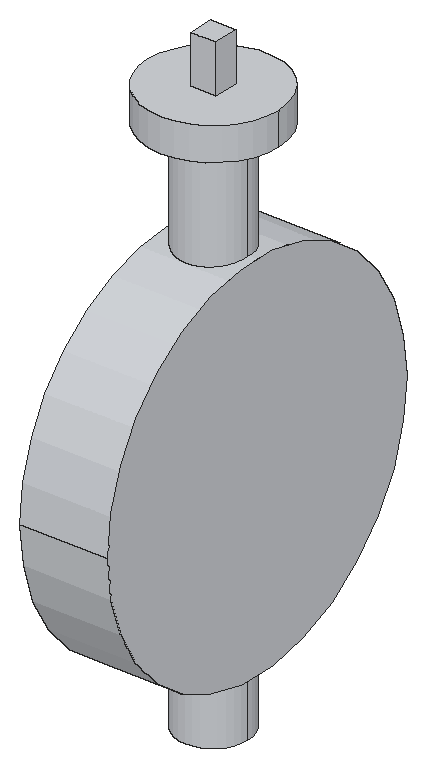
Revit family "HS497-67_disk-litina-volné vřeteno DN200-RFA_2019", category Pipe Accessories, Revit 2019
Family settings
  Round Connector Dimension = Use Diameter
  Part Type = Valve - Breaks Into
  Work Plane-Based = No
  Always vertical = Yes
  Cut with Voids When Loaded = No
  Shared = No
Parameters (values of type "HS 497-67_DN200_PN16_volné vřeteno")
  magiProductId = "5b29029eaeba47139ee1055a4b9201"
  magiProductFamilyId = "53cea81e6f374d17b8841d9c72ad77"
  magiPartTypeId = 305
  isMeasuringValve [instance] = no
  ang2D [instance] = 0.00°
  X11 = 61.456 mm
  X1 = 25.456 mm
  W2D = 1000 mm
  VersionID = "2.0/2017.9.26.1/ZETKAMA_497_001"
  Use Minimum Symbol Size [instance] = yes
  URL = "http://www.hydronic.cz"
  Type Comments = "mezipřírubová; litinový disk; PN16; -10~+110°C (krátkodobě +120°C)"
  SW30 = no
  SW3 = no
  SW21 = no
  SW20 = no
  SW2 = no
  SW1 = yes
  R = 100 mm
  QmdConnectorList = "301;D;302;D"
  Productdata [instance] = ""
  NC = 50 mm
  Model = ""
  Manufacturer = "Hydronic Systems Prague s.r.o."
  MM20 = 25.456 mm
  MC Product Code = "123 200 (litinový disk, s volným vřetenem; DN200; PN16, kvs2675)"
  M41 = 66 mm
  M4 = 44 mm
  LHL = 220 mm
  LHH3 = 2.45 mm
  LHH1 = 46.55 mm
  LH1 = 73.333 mm
  L4R__ve = -L4R  # -12.8 mm
  L4R = 12.8 mm
  L42__ve = -L42  # -96 mm
  L42 = 96 mm
  L41__ve = -L41  # -19.2 mm
  L41 = 19.2 mm
  L2D_Min = 3048 mm
  L2D = 216 mm
  L2 = 30 mm
  L1 = 48 mm
  L = 60 mm
  H = 33 mm
  G22 = 11.25 mm
  G2 = 22.5 mm
  G1 = 90 mm
  G = 90 mm
  F = 17 mm
  E44 = 31.25 mm
  E42 = 62.5 mm
  E4 = 125 mm
  E23 = 4.9 mm
  E22 = 19.6 mm
  E21 = 9.8 mm
  Description = "Mezipřírubová uzavírací klapka s volným vřetenem; litinový disk, DN200; PN16; kvs2675"
  DR2 = 100 mm
  DR = 257 mm
  DD1 = 15.625 mm
  DD = 12.5 mm
  D = 200 mm
  CAT0 = yes
  B2__ve = -B2  # -70 mm
  B2 = 70 mm
  A2 = 22.5 mm
  A1 = 102.5 mm
Types (43, lengths in mm): name | magiProductId | X11 | X1 | Type Comments | SW30 | SW3 | SW20 | SW2 | SW1 | R | NC | MM20 | MC Product Code | M41 | M4 | LHL | LHH3 | LHH1 | LH1 | L4R__ve | L4R | L42__ve | L42 | L41__ve | L41 | L2 | L1 | L | H | G | F | E44 | E42 | E4 | E23 | E22 | E21 | Description | DR2 | DR | DD1 | DD | D | B2__ve | B2 | A2 | A1
  HS 497-67_DN100_PN16_volné vřeteno | "65d1b245f4f142c78569c0602d5754" | 61.456 | 25.456 | "mezipřírubová; litinový disk; PN16; -10~+110°C (krátkodobě +120°C)" | no | no | no | no | yes | 50 | 50 | 25.456 | "123 100 (litinový disk, s volným vřetenem; DN100; PN16, kvs512)" | 66 | 44 | 220 | 2.45 | 46.55 | 73.333 | -12.8 | 12.8 | -96 | 96 | -19.2 | 19.2 | 26 | 41.6 | 52 | 30 | 90 | 11 | 31.25 | 62.5 | 125 | 4.9 | 19.6 | 9.8 | "Mezipřírubová uzavírací klapka s volným vřetenem; litinový disk, DN100; PN16; kvs512" | 50 | 147 | 15.625 | 12.5 | 100 | -56 | 56 | 16.5 | 98.5
  HS 497-67_DN100_PN16_převodové kolo | "11e91b807e674d428c8e796fcdcfe2" | 61.456 | 25.456 | "mezipřírubová; litinový disk; PN16; -10~+110°C (krátkodobě +120°C)" | yes | yes | no | no | no | 50 | 50 | 25.456 | "125 100 (litinový disk, s převodovým kolem; DN100; PN16, kvs512)" | 65.25 | 43.5 | 220 | 2.45 | 46.55 | 73.333 | -12.8 | 12.8 | -96 | 96 | -19.2 | 19.2 | 26 | 41.6 | 52 | 30 | 90 | 11 | 31.25 | 62.5 | 125 | 4.9 | 19.6 | 9.8 | "Mezipřírubová uzavírací klapka s převodovým kolem; litinový disk, DN100; PN16; kvs512" | 50 | 147 | 15.625 | 12.5 | 100 | -56 | 56 | 16.5 | 98.5
  HS 497-67_DN100_PN16_s pákou | "28172f0b3f4b47b28323ac71cf8749" | 61.456 | 25.456 | "mezipřírubová; litinový disk; PN16; -10~+110°C (krátkodobě +120°C)" | no | no | yes | yes | no | 50 | 50 | 25.456 | "120 100 (litinový disk, s pákou; DN100; PN16, kvs512)" | 66 | 44 | 260 | 3 | 57 | 86.667 | -12.8 | 12.8 | -96 | 96 | -19.2 | 19.2 | 26 | 41.6 | 52 | 30 | 90 | 11 | 31.25 | 62.5 | 125 | 6 | 24 | 12 | "Mezipřírubová uzavírací klapka s pákou; litinový disk, DN100; PN16; kvs512" | 50 | 147 | 15.625 | 12.5 | 100 | -56 | 56 | 16.5 | 98.5
  HS 497-67_DN125_PN16_volné vřeteno | "0d813d910fc14f628bb3c2efbd185c" | 61.456 | 25.456 | "mezipřírubová; litinový disk; PN16; -10~+110°C (krátkodobě +120°C)" | no | no | no | no | yes | 62.5 | 50 | 25.456 | "123 125 (litinový disk, s volným vřetenem; DN125; PN16, kvs872)" | 66 | 44 | 220 | 2.45 | 46.55 | 73.333 | -12.8 | 12.8 | -96 | 96 | -19.2 | 19.2 | 28 | 44.8 | 56 | 33 | 90 | 14 | 31.25 | 62.5 | 125 | 4.9 | 19.6 | 9.8 | "Mezipřírubová uzavírací klapka s volným vřetenem; litinový disk, DN125; PN16; kvs872" | 62.5 | 180 | 15.625 | 12.5 | 125 | -64 | 64 | 18 | 99.5
  HS 497-67_DN125_PN16_převodové kolo | "c56b7c13f372467684996fb1e0e229" | 61.456 | 25.456 | "mezipřírubová; litinový disk; PN16; -10~+110°C (krátkodobě +120°C)" | yes | yes | no | no | no | 62.5 | 50 | 25.456 | "125 125 (litinový disk, s převodovým kolem; DN125; PN16, kvs872)" | 65.25 | 43.5 | 220 | 2.45 | 46.55 | 73.333 | -13.5 | 13.5 | -101.25 | 101.25 | -20.25 | 20.25 | 28 | 44.8 | 56 | 33 | 90 | 14 | 40 | 80 | 160 | 4.9 | 19.6 | 9.8 | "Mezipřírubová uzavírací klapka s převodovým kolem; litinový disk, DN125; PN16; kvs872" | 62.5 | 180 | 20 | 16 | 125 | -64 | 64 | 18 | 99.5
  HS 497-67_DN125_PN16_s pákou | "105993c79a91492399feef7931321a" | 61.456 | 25.456 | "mezipřírubová; litinový disk; PN16; -10~+110°C (krátkodobě +120°C)" | no | no | yes | yes | no | 62.5 | 50 | 25.456 | "120 125 (litinový disk, s pákou; DN125; PN16, kvs872)" | 66 | 44 | 315 | 3.75 | 71.25 | 105 | -12.8 | 12.8 | -96 | 96 | -19.2 | 19.2 | 28 | 44.8 | 56 | 33 | 90 | 14 | 31.25 | 62.5 | 125 | 7.5 | 30 | 15 | "Mezipřírubová uzavírací klapka s pákou; litinový disk, DN125; PN16; kvs872" | 62.5 | 180 | 15.625 | 12.5 | 125 | -64 | 64 | 18 | 99.5
  HS 497-67_DN150_PN16_volné vřeteno | "50c80cb8ab434f55ab7796e5ac1331" | 61.456 | 25.456 | "mezipřírubová; litinový disk; PN16; -10~+110°C (krátkodobě +120°C)" | no | no | no | no | yes | 75 | 50 | 25.456 | "123 150 (litinový disk, s volným vřetenem; DN150; PN16, kvs1347)" | 66 | 44 | 220 | 2.45 | 46.55 | 73.333 | -12.8 | 12.8 | -96 | 96 | -19.2 | 19.2 | 28 | 44.8 | 56 | 33 | 90 | 14 | 31.25 | 62.5 | 125 | 4.9 | 19.6 | 9.8 | "Mezipřírubová uzavírací klapka s volným vřetenem; litinový disk, DN150; PN16; kvs1347" | 75 | 206 | 15.625 | 12.5 | 150 | -58 | 58 | 19.3 | 98.7
  HS 497-67_DN150_PN16_převodové kolo | "d94a1a0cf83b476eb10011b327f709" | 61.456 | 25.456 | "mezipřírubová; litinový disk; PN16; -10~+110°C (krátkodobě +120°C)" | yes | yes | no | no | no | 75 | 50 | 25.456 | "125 150 (litinový disk, s převodovým kolem; DN150; PN16, kvs1347)" | 65.25 | 43.5 | 220 | 2.45 | 46.55 | 73.333 | -13.5 | 13.5 | -101.25 | 101.25 | -20.25 | 20.25 | 28 | 44.8 | 56 | 33 | 90 | 14 | 40 | 80 | 160 | 4.9 | 19.6 | 9.8 | "Mezipřírubová uzavírací klapka s převodovým kolem; litinový disk, DN150; PN16; kvs1347" | 75 | 206 | 20 | 16 | 150 | -58 | 58 | 19.3 | 98.7
  HS 497-67_DN150_PN16_s pákou | "4d2835523fe84828bc50ff0a5a0dfb" | 61.456 | 25.456 | "mezipřírubová; litinový disk; PN16; -10~+110°C (krátkodobě +120°C)" | no | no | yes | yes | no | 75 | 50 | 25.456 | "120 150 (litinový disk, s pákou; DN150; PN16, kvs1347)" | 66 | 44 | 315 | 3.75 | 71.25 | 105 | -12.8 | 12.8 | -96 | 96 | -19.2 | 19.2 | 28 | 44.8 | 56 | 33 | 90 | 14 | 31.25 | 62.5 | 125 | 7.5 | 30 | 15 | "Mezipřírubová uzavírací klapka s pákou; litinový disk, DN150; PN16; kvs1347" | 75 | 206 | 15.625 | 12.5 | 150 | -58 | 58 | 19.3 | 98.7
  HS 497-67_DN200_PN16_volné vřeteno | "5b29029eaeba47139ee1055a4b9201" | 61.456 | 25.456 | "mezipřírubová; litinový disk; PN16; -10~+110°C (krátkodobě +120°C)" | no | no | no | no | yes | 100 | 50 | 25.456 | "123 200 (litinový disk, s volným vřetenem; DN200; PN16, kvs2675)" | 66 | 44 | 220 | 2.45 | 46.55 | 73.333 | -12.8 | 12.8 | -96 | 96 | -19.2 | 19.2 | 30 | 48 | 60 | 33 | 90 | 17 | 31.25 | 62.5 | 125 | 4.9 | 19.6 | 9.8 | "Mezipřírubová uzavírací klapka s volným vřetenem; litinový disk, DN200; PN16; kvs2675" | 100 | 257 | 15.625 | 12.5 | 200 | -70 | 70 | 22.5 | 102.5
  HS 497-67_DN200_PN16_převodové kolo | "b2793cc1fcc44cf2a35062cd67c04f" | 61.456 | 25.456 | "mezipřírubová; litinový disk; PN16; -10~+110°C (krátkodobě +120°C)" | yes | yes | no | no | no | 100 | 57 | 25.456 | "125 200 (litinový disk, s převodovým kolem; DN200; PN16, kvs2675)" | 78.75 | 52.5 | 220 | 2.45 | 46.55 | 73.333 | -15.2 | 15.2 | -114 | 114 | -22.8 | 22.8 | 30 | 48 | 60 | 33 | 90 | 17 | 50 | 100 | 200 | 4.9 | 19.6 | 9.8 | "Mezipřírubová uzavírací klapka s převodovým kolem; litinový disk, DN200; PN16; kvs2675" | 100 | 257 | 25 | 20 | 200 | -70 | 70 | 22.5 | 102.5
  HS 497-67_DN200_PN16_s pákou | "f88d96c7af224537a51e72d7d8fffe" | 61.456 | 25.456 | "mezipřírubová; litinový disk; PN16; -10~+110°C (krátkodobě +120°C)" | no | no | yes | yes | no | 100 | 50 | 25.456 | "120 200 (litinový disk, s pákou; DN200; PN16, kvs2675)" | 66 | 44 | 315 | 3.75 | 71.25 | 105 | -12.8 | 12.8 | -96 | 96 | -19.2 | 19.2 | 30 | 48 | 60 | 33 | 90 | 17 | 31.25 | 62.5 | 125 | 7.5 | 30 | 15 | "Mezipřírubová uzavírací klapka s pákou; litinový disk, DN200; PN16; kvs2675" | 100 | 257 | 15.625 | 12.5 | 200 | -70 | 70 | 22.5 | 102.5
  HS 497-67_DN250_PN16_volné vřeteno | "b662e8305ca2402b9c510e66e6aa55" | 88.77 | 36.77 | "mezipřírubová; litinový disk; PN16; -10~+110°C (krátkodobě +120°C)" | no | no | no | no | yes | 125 | 50 | 36.77 | "123 250 (litinový disk, s volným vřetenem; DN250; PN16, kvs4555)" | 66 | 44 | 220 | 2.45 | 46.55 | 73.333 | -12.8 | 12.8 | -96 | 96 | -19.2 | 19.2 | 34 | 54.4 | 68 | 23 | 130 | 22 | 31.25 | 62.5 | 125 | 4.9 | 19.6 | 9.8 | "Mezipřírubová uzavírací klapka s volným vřetenem; litinový disk, DN250; PN16; kvs4555" | 125 | 324 | 15.625 | 12.5 | 250 | -85 | 85 | 28.25 | 129.25
  HS 497-67_DN250_PN16_převodové kolo | "5ee9016806664ddfaa2632711f295c" | 88.77 | 36.77 | "mezipřírubová; litinový disk; PN16; -10~+110°C (krátkodobě +120°C)" | yes | yes | no | no | no | 125 | 70 | 36.77 | "125 250 (litinový disk, s převodovým kolem; DN250; PN16, kvs4555)" | 91.5 | 61 | 220 | 2.45 | 46.55 | 73.333 | -22.2 | 22.2 | -166.5 | 166.5 | -33.3 | 33.3 | 34 | 54.4 | 68 | 23 | 130 | 22 | 62.5 | 125 | 250 | 4.9 | 19.6 | 9.8 | "Mezipřírubová uzavírací klapka s převodovým kolem; litinový disk, DN250; PN16; kvs4555" | 125 | 324 | 31.25 | 25 | 250 | -85 | 85 | 28.25 | 129.25
  HS 497-67_DN300_PN16_volné vřeteno | "e1886f51ff004380a649519258edf2" | 88.77 | 36.77 | "mezipřírubová; litinový disk; PN16; -10~+110°C (krátkodobě +120°C)" | no | no | no | no | yes | 150 | 50 | 36.77 | "123 300 (litinový disk, s volným vřetenem; DN300; PN16, kvs7037)" | 66 | 44 | 220 | 2.45 | 46.55 | 73.333 | -12.8 | 12.8 | -96 | 96 | -19.2 | 19.2 | 39 | 62.4 | 78 | 23 | 130 | 22 | 31.25 | 62.5 | 125 | 4.9 | 19.6 | 9.8 | "Mezipřírubová uzavírací klapka s volným vřetenem; litinový disk, DN300; PN16; kvs7037" | 150 | 376 | 15.625 | 12.5 | 300 | -90 | 90 | 30.8 | 127.2
  HS 497-67_DN300_PN16_převodové kolo | "6860f094f77d42088fbebc3c97f755" | 88.77 | 36.77 | "mezipřírubová; litinový disk; PN16; -10~+110°C (krátkodobě +120°C)" | yes | yes | no | no | no | 150 | 70 | 36.77 | "125 300 (litinový disk, s převodovým kolem; DN300; PN16, kvs7037)" | 91.5 | 61 | 220 | 2.45 | 46.55 | 73.333 | -22.2 | 22.2 | -166.5 | 166.5 | -33.3 | 33.3 | 39 | 62.4 | 78 | 23 | 130 | 22 | 62.5 | 125 | 250 | 4.9 | 19.6 | 9.8 | "Mezipřírubová uzavírací klapka s převodovým kolem; litinový disk, DN300; PN16; kvs7037" | 150 | 376 | 31.25 | 25 | 300 | -90 | 90 | 30.8 | 127.2
  HS 497-67_DN032_PN16_volné vřeteno | "8c5f65de52aa4067a77564107e31b2" | 61.456 | 25.456 | "mezipřírubová; litinový disk; PN16; -10~+110°C (krátkodobě +120°C)" | no | no | no | no | yes | 16 | 50 | 25.456 | "123 032 (litinový disk, s volným vřetenem; DN32; PN16, kvs78)" | 66 | 44 | 220 | 2.45 | 46.55 | 73.333 | -12.8 | 12.8 | -96 | 96 | -19.2 | 19.2 | 16.5 | 26.4 | 33 | 30 | 90 | 11 | 31.25 | 62.5 | 125 | 4.9 | 19.6 | 9.8 | "Mezipřírubová uzavírací klapka s volným vřetenem; litinový disk, DN32; PN16; kvs78" | 16 | 68 | 15.625 | 12.5 | 32 | -44.2 | 44.2 | 10.25 | 76.25
  HS 497-67_DN032_PN16_převodové kolo | "60aaeffa8b3a4e809ef000e4660060" | 61.456 | 25.456 | "mezipřírubová; litinový disk; PN16; -10~+110°C (krátkodobě +120°C)" | yes | yes | no | no | no | 16 | 50 | 25.456 | "125 032 (litinový disk, s převodovým kolem; DN32; PN16, kvs78)" | 65.25 | 43.5 | 220 | 2.45 | 46.55 | 73.333 | -12.8 | 12.8 | -96 | 96 | -19.2 | 19.2 | 16.5 | 26.4 | 33 | 30 | 90 | 11 | 31.25 | 62.5 | 125 | 4.9 | 19.6 | 9.8 | "Mezipřírubová uzavírací klapka s převodovým kolem; litinový disk, DN32; PN16; kvs78" | 16 | 68 | 15.625 | 12.5 | 32 | -44.2 | 44.2 | 10.25 | 76.25
  HS 497-67_DN032_PN16_s pákou | "9ad8088d610749a1b871aa2aad8007" | 61.456 | 25.456 | "mezipřírubová; litinový disk; PN16; -10~+110°C (krátkodobě +120°C)" | no | no | yes | yes | no | 16 | 50 | 25.456 | "120 032 (litinový disk, s pákou; DN32; PN16, kvs78)" | 66 | 44 | 220 | 2.45 | 46.55 | 73.333 | -12.8 | 12.8 | -96 | 96 | -19.2 | 19.2 | 16.5 | 26.4 | 33 | 30 | 90 | 11 | 31.25 | 62.5 | 125 | 4.9 | 19.6 | 9.8 | "Mezipřírubová uzavírací klapka s pákou; litinový disk, DN32; PN16; kvs78" | 16 | 68 | 15.625 | 12.5 | 32 | -44.2 | 44.2 | 10.25 | 76.25
  HS 497-67_DN350_PN10_volné vřeteno | "72a1e05f22944421b7e9596a877137" | 109.255 | 45.255 | "mezipřírubová; litinový disk; PN10; -10~+110°C (krátkodobě +120°C)" | no | no | no | no | yes | 175 | 50 | 45.255 | "123 350 (litinový disk, s volným vřetenem; DN350; PN10, kvs10165)" | 66 | 44 | 220 | 2.45 | 46.55 | 73.333 | -12.8 | 12.8 | -96 | 96 | -19.2 | 19.2 | 39 | 62.4 | 78 | 31 | 160 | 22 | 31.25 | 62.5 | 125 | 4.9 | 19.6 | 9.8 | "Mezipřírubová uzavírací klapka s volným vřetenem; litinový disk, DN350; PN10; kvs10165" | 175 | 430 | 15.625 | 12.5 | 350 | -88 | 88 | 33.85 | 129.65
  HS 497-67_DN350_PN10_převodové kolo | "a5a01426cb28494ba3afca92f1dace" | 109.255 | 45.255 | "mezipřírubová; litinový disk; PN10; -10~+110°C (krátkodobě +120°C)" | yes | yes | no | no | no | 175 | 70 | 45.255 | "125 350 (litinový disk, s převodovým kolem; DN350; PN10, kvs10165)" | 91.5 | 61 | 220 | 2.45 | 46.55 | 73.333 | -22.2 | 22.2 | -166.5 | 166.5 | -33.3 | 33.3 | 39 | 62.4 | 78 | 31 | 160 | 22 | 62.5 | 125 | 250 | 4.9 | 19.6 | 9.8 | "Mezipřírubová uzavírací klapka s převodovým kolem; litinový disk, DN350; PN10; kvs10165" | 175 | 430 | 31.25 | 25 | 350 | -88 | 88 | 33.85 | 129.65
  HS 497-67_DN400_PN10_volné vřeteno | "c70ebeb927c04ab99b176e257ad0a7" | 109.255 | 45.255 | "mezipřírubová; litinový disk; PN10; -10~+110°C (krátkodobě +120°C)" | no | no | no | no | yes | 200 | 50 | 45.255 | "123 400 (litinový disk, s volným vřetenem; DN400; PN10, kvs13799)" | 66 | 44 | 220 | 2.45 | 46.55 | 73.333 | -12.8 | 12.8 | -96 | 96 | -19.2 | 19.2 | 51 | 81.6 | 102 | 31 | 160 | 27 | 31.25 | 62.5 | 125 | 4.9 | 19.6 | 9.8 | "Mezipřírubová uzavírací klapka s volným vřetenem; litinový disk, DN400; PN10; kvs13799" | 200 | 485 | 15.625 | 12.5 | 400 | -108 | 108 | 38 | 142
  HS 497-67_DN400_PN10_převodové kolo | "cc64a4384dcb41b780d81810f4f293" | 109.255 | 45.255 | "mezipřírubová; litinový disk; PN10; -10~+110°C (krátkodobě +120°C)" | yes | yes | no | no | no | 200 | 72.5 | 45.255 | "125 400 (litinový disk, s převodovým kolem; DN400; PN10, kvs13799)" | 103.5 | 69 | 220 | 2.45 | 46.55 | 73.333 | -27.8 | 27.8 | -208.5 | 208.5 | -41.7 | 41.7 | 51 | 81.6 | 102 | 31 | 160 | 27 | 75 | 150 | 300 | 4.9 | 19.6 | 9.8 | "Mezipřírubová uzavírací klapka s převodovým kolem; litinový disk, DN400; PN10; kvs13799" | 200 | 485 | 37.5 | 30 | 400 | -108 | 108 | 38 | 142
  HS 497-67_DN040_PN16_volné vřeteno | "35f92312390745e88df5b5c325d9ee" | 61.456 | 25.456 | "mezipřírubová; litinový disk; PN16; -10~+110°C (krátkodobě +120°C)" | no | no | no | no | yes | 20 | 50 | 25.456 | "123 040 (litinový disk, s volným vřetenem; DN40; PN16, kvs78)" | 66 | 44 | 220 | 2.45 | 46.55 | 73.333 | -12.8 | 12.8 | -96 | 96 | -19.2 | 19.2 | 16.5 | 26.4 | 33 | 30 | 90 | 11 | 31.25 | 62.5 | 125 | 4.9 | 19.6 | 9.8 | "Mezipřírubová uzavírací klapka s volným vřetenem; litinový disk, DN40; PN16; kvs78" | 20 | 76 | 15.625 | 12.5 | 40 | -36 | 36 | 11 | 79
  HS 497-67_DN040_PN16_převodové kolo | "d88e968eae3445bc9b7b4e6ff35127" | 61.456 | 25.456 | "mezipřírubová; litinový disk; PN16; -10~+110°C (krátkodobě +120°C)" | yes | yes | no | no | no | 20 | 50 | 25.456 | "125 040 (litinový disk, s převodovým kolem; DN40; PN16, kvs78)" | 65.25 | 43.5 | 220 | 2.45 | 46.55 | 73.333 | -12.8 | 12.8 | -96 | 96 | -19.2 | 19.2 | 16.5 | 26.4 | 33 | 30 | 90 | 11 | 31.25 | 62.5 | 125 | 4.9 | 19.6 | 9.8 | "Mezipřírubová uzavírací klapka s převodovým kolem; litinový disk, DN40; PN16; kvs78" | 20 | 76 | 15.625 | 12.5 | 40 | -36 | 36 | 11 | 79
  HS 497-67_DN040_PN16_s pákou | "c1b522ca65b4407a98818f232eaacb" | 61.456 | 25.456 | "mezipřírubová; litinový disk; PN16; -10~+110°C (krátkodobě +120°C)" | no | no | yes | yes | no | 20 | 50 | 25.456 | "120 040 (litinový disk, s pákou; DN40; PN16, kvs78)" | 66 | 44 | 220 | 2.45 | 46.55 | 73.333 | -12.8 | 12.8 | -96 | 96 | -19.2 | 19.2 | 16.5 | 26.4 | 33 | 30 | 90 | 11 | 31.25 | 62.5 | 125 | 4.9 | 19.6 | 9.8 | "Mezipřírubová uzavírací klapka s pákou; litinový disk, DN40; PN16; kvs78" | 20 | 76 | 15.625 | 12.5 | 40 | -36 | 36 | 11 | 79
  HS 497-67_DN450_PN10_volné vřeteno | "a8358bc282f14872b3194e530e590a" | 129.74 | 53.74 | "mezipřírubová; litinový disk; PN10; -10~+110°C (krátkodobě +120°C)" | no | no | no | no | yes | 225 | 50 | 53.74 | "123 450 (litinový disk, s volným vřetenem; DN450; PN10, kvs18514)" | 66 | 44 | 220 | 2.45 | 46.55 | 73.333 | -12.8 | 12.8 | -96 | 96 | -19.2 | 19.2 | 57 | 91.2 | 114 | 38 | 190 | 36 | 31.25 | 62.5 | 125 | 4.9 | 19.6 | 9.8 | "Mezipřírubová uzavírací klapka s volným vřetenem; litinový disk, DN450; PN10; kvs18514" | 225 | 536 | 15.625 | 12.5 | 450 | -115 | 115 | 38.05 | 117.45
  HS 497-67_DN450_PN10_převodové kolo | "cdf2d80f54a9414f9cbe50647c0ebd" | 129.74 | 53.74 | "mezipřírubová; litinový disk; PN10; -10~+110°C (krátkodobě +120°C)" | yes | yes | no | no | no | 225 | 91.5 | 53.74 | "125 450 (litinový disk, s převodovým kolem; DN450; PN10, kvs18514)" | 144.75 | 96.5 | 220 | 2.45 | 46.55 | 73.333 | -32.1 | 32.1 | -240.75 | 240.75 | -48.15 | 48.15 | 57 | 91.2 | 114 | 38 | 190 | 36 | 100 | 200 | 400 | 4.9 | 19.6 | 9.8 | "Mezipřírubová uzavírací klapka s převodovým kolem; litinový disk, DN450; PN10; kvs18514" | 225 | 536 | 50 | 40 | 450 | -115 | 115 | 38.05 | 117.45
  HS 497-67_DN500_PN10_volné vřeteno | "8c396e27bb2743f98f3c762b6517cd" | 143.397 | 59.397 | "mezipřírubová; litinový disk; PN10; -10~+110°C (krátkodobě +120°C)" | no | no | no | no | yes | 250 | 50 | 59.397 | "123 500 (litinový disk, s volným vřetenem; DN500; PN10, kvs23805)" | 66 | 44 | 220 | 2.45 | 46.55 | 73.333 | -12.8 | 12.8 | -96 | 96 | -19.2 | 19.2 | 63.5 | 101.6 | 127 | 38 | 210 | 36 | 31.25 | 62.5 | 125 | 4.9 | 19.6 | 9.8 | "Mezipřírubová uzavírací klapka s volným vřetenem; litinový disk, DN500; PN10; kvs23805" | 250 | 593 | 15.625 | 12.5 | 500 | -130 | 130 | 43.25 | 139.25
  HS 497-67_DN500_PN10_převodové kolo | "7647804f32e94cef828a7034a91a46" | 143.397 | 59.397 | "mezipřírubová; litinový disk; PN10; -10~+110°C (krátkodobě +120°C)" | yes | yes | no | no | no | 250 | 91.5 | 59.397 | "125 500 (litinový disk, s převodovým kolem; DN500; PN10, kvs23805)" | 144.75 | 96.5 | 220 | 2.45 | 46.55 | 73.333 | -32.1 | 32.1 | -240.75 | 240.75 | -48.15 | 48.15 | 63.5 | 101.6 | 127 | 38 | 210 | 36 | 100 | 200 | 400 | 4.9 | 19.6 | 9.8 | "Mezipřírubová uzavírací klapka s převodovým kolem; litinový disk, DN500; PN10; kvs23805" | 250 | 593 | 50 | 40 | 500 | -130 | 130 | 43.25 | 139.25
  HS 497-67_DN050_volné vřeteno | "d71f296ecd6d4adf8f6e5d9853b4e0" | 61.456 | 25.456 | "mezipřírubová; litinový disk; PN16; -10~+110°C (krátkodobě +120°C)" | no | no | no | no | yes | 25 | 50 | 25.456 | "123 050 (litinový disk, s volným vřetenem; DN50; PN16, kvs98)" | 66 | 44 | 220 | 2.45 | 46.55 | 73.333 | -12.8 | 12.8 | -96 | 96 | -19.2 | 19.2 | 21.5 | 34.4 | 43 | 30 | 90 | 11 | 31.25 | 62.5 | 125 | 4.9 | 19.6 | 9.8 | "Mezipřírubová uzavírací klapka s volným vřetenem; litinový disk, DN50; PN16; kvs98" | 25 | 100 | 15.625 | 12.5 | 50 | -36.5 | 36.5 | 12 | 83
  HS 497-67_DN050_PN16_převodové kolo | "2fb080deeaed49c58418b94c1da5a4" | 61.456 | 25.456 | "mezipřírubová; litinový disk; PN16; -10~+110°C (krátkodobě +120°C)" | yes | yes | no | no | no | 25 | 50 | 25.456 | "125 050 (litinový disk, s převodovým kolem; DN50; PN16, kvs98)" | 65.25 | 43.5 | 220 | 2.45 | 46.55 | 73.333 | -12.8 | 12.8 | -96 | 96 | -19.2 | 19.2 | 21.5 | 34.4 | 43 | 30 | 90 | 11 | 31.25 | 62.5 | 125 | 4.9 | 19.6 | 9.8 | "Mezipřírubová uzavírací klapka s převodovým kolem; litinový disk, DN50; PN16; kvs98" | 25 | 100 | 15.625 | 12.5 | 50 | -36.5 | 36.5 | 12 | 83
  HS 497-67_DN050_PN16_s pákou | "dabc632061f94877a994b9b4e68112" | 61.456 | 25.456 | "mezipřírubová; litinový disk; PN16; -10~+110°C (krátkodobě +120°C)" | no | no | yes | yes | no | 25 | 50 | 25.456 | "120 050 (litinový disk, s pákou; DN50; PN16, kvs98)" | 66 | 44 | 220 | 2.45 | 46.55 | 73.333 | -12.8 | 12.8 | -96 | 96 | -19.2 | 19.2 | 21.5 | 34.4 | 43 | 30 | 90 | 11 | 31.25 | 62.5 | 125 | 4.9 | 19.6 | 9.8 | "Mezipřírubová uzavírací klapka s pákou; litinový disk, DN50; PN16; kvs98" | 25 | 100 | 15.625 | 12.5 | 50 | -36.5 | 36.5 | 12 | 83
  HS 497-67_DN600_PN10_volné vřeteno | "99d5892c14664fce81a7c5903f7711" | 143.397 | 59.397 | "mezipřírubová; litinový disk; PN10; -10~+110°C (krátkodobě +120°C)" | no | no | no | no | yes | 300 | 50 | 59.397 | "123 600 (litinový disk, s volným vřetenem; DN600; PN10, kvs36778)" | 66 | 44 | 220 | 2.45 | 46.55 | 73.333 | -12.8 | 12.8 | -96 | 96 | -19.2 | 19.2 | 77 | 123.2 | 154 | 80 | 210 | 60 | 31.25 | 62.5 | 125 | 4.9 | 19.6 | 9.8 | "Mezipřírubová uzavírací klapka s volným vřetenem; litinový disk, DN600; PN10; kvs36788" | 300 | 690 | 15.625 | 12.5 | 600 | -140 | 140 | 49.4 | 144.6
  HS 497-67_DN600_PN10_převodové kolo | "b1e26faab48a4c499f6bb11e7e3002" | 143.397 | 59.397 | "mezipřírubová; litinový disk; PN10; -10~+110°C (krátkodobě +120°C)" | yes | yes | no | no | no | 300 | 140 | 59.397 | "125 600 (litinový disk, s převodovým kolem; DN600; PN10, kvs36778)" | 206.25 | 137.5 | 220 | 2.45 | 46.55 | 73.333 | -40.8 | 40.8 | -306 | 306 | -61.2 | 61.2 | 77 | 123.2 | 154 | 80 | 210 | 60 | 125 | 250 | 500 | 4.9 | 19.6 | 9.8 | "Mezipřírubová uzavírací klapka s převodovým kolem; litinový disk, DN600; PN10; kvs36788" | 300 | 690 | 62.5 | 50 | 600 | -140 | 140 | 49.4 | 144.6
  HS 497-67_DN065_PN16_volné vřeteno | "5e5e208646e34ec29f889baab5d08e" | 61.456 | 25.456 | "mezipřírubová; litinový disk; PN16; -10~+110°C (krátkodobě +120°C)" | no | no | no | no | yes | 32.5 | 50 | 25.456 | "123 065 (litinový disk, s volným vřetenem; DN65; PN16, kvs167)" | 66 | 44 | 220 | 2.45 | 46.55 | 73.333 | -12.8 | 12.8 | -96 | 96 | -19.2 | 19.2 | 23 | 36.8 | 46 | 30 | 90 | 11 | 31.25 | 62.5 | 125 | 4.9 | 19.6 | 9.8 | "Mezipřírubová uzavírací klapka s volným vřetenem; litinový disk, DN65; PN16; kv167" | 32.5 | 108 | 15.625 | 12.5 | 65 | -36.5 | 36.5 | 13.5 | 89
  HS 497-67_DN065_PN16_převodové kolo | "654d74c8d15540b0bfe523d988ccb3" | 61.456 | 25.456 | "mezipřírubová; litinový disk; PN16; -10~+110°C (krátkodobě +120°C)" | yes | yes | no | no | no | 32.5 | 50 | 25.456 | "125 065 (litinový disk, s převodovým kolem; DN65; PN16, kvs167)" | 65.25 | 43.5 | 220 | 2.45 | 46.55 | 73.333 | -12.8 | 12.8 | -96 | 96 | -19.2 | 19.2 | 23 | 36.8 | 46 | 30 | 90 | 11 | 31.25 | 62.5 | 125 | 4.9 | 19.6 | 9.8 | "Mezipřírubová uzavírací klapka s převodovým kolem; litinový disk, DN65; PN16; kvs167" | 32.5 | 108 | 15.625 | 12.5 | 65 | -36.5 | 36.5 | 13.5 | 89
  HS 497-67_DN065_PN16_s pákou | "ebeb4b59db0641caaf6d6635ab37b9" | 61.456 | 25.456 | "mezipřírubová; litinový disk; PN16; -10~+110°C (krátkodobě +120°C)" | no | no | yes | yes | no | 32.5 | 50 | 25.456 | "120 065 (litinový disk, s pákou; DN65; PN16, kvs167)" | 66 | 44 | 220 | 2.45 | 46.55 | 73.333 | -12.8 | 12.8 | -96 | 96 | -19.2 | 19.2 | 23 | 36.8 | 46 | 30 | 90 | 11 | 31.25 | 62.5 | 125 | 4.9 | 19.6 | 9.8 | "Mezipřírubová uzavírací klapka s pákou; litinový disk, DN65; PN16; kvs167" | 32.5 | 108 | 15.625 | 12.5 | 65 | -36.5 | 36.5 | 13.5 | 89
  HS 497-67_DN080_PN16_volné vřeteno | "9e85c75c18654e1185a9c48ed6b00e" | 61.456 | 25.456 | "mezipřírubová; litinový disk; PN16; -10~+110°C (krátkodobě +120°C)" | no | no | no | no | yes | 40 | 50 | 25.456 | "123 080 (litinový disk, s volným vřetenem; DN80; PN16, kvs258)" | 66 | 44 | 220 | 2.45 | 46.55 | 73.333 | -12.8 | 12.8 | -96 | 96 | -19.2 | 19.2 | 23 | 36.8 | 46 | 30 | 90 | 11 | 31.25 | 62.5 | 125 | 4.9 | 19.6 | 9.8 | "Mezipřírubová uzavírací klapka s volným vřetenem; litinový disk, DN80; PN16; kvs258" | 40 | 124 | 15.625 | 12.5 | 80 | -54 | 54 | 14.1 | 86.9
  HS 497-67_DN080_PN16_převodové kolo | "5b3c8238c3d041e68c75b199e7ea46" | 61.456 | 25.456 | "mezipřírubová; litinový disk; PN16; -10~+110°C (krátkodobě +120°C)" | yes | yes | no | no | no | 40 | 50 | 25.456 | "125 080 (litinový disk, s převodovým kolem; DN80; PN16, kvs258)" | 65.25 | 43.5 | 220 | 2.45 | 46.55 | 73.333 | -12.8 | 12.8 | -96 | 96 | -19.2 | 19.2 | 23 | 36.8 | 46 | 30 | 90 | 11 | 31.25 | 62.5 | 125 | 4.9 | 19.6 | 9.8 | "Mezipřírubová uzavírací klapka s převodovým kolem; litinový disk, DN80; PN16; kvs258" | 40 | 124 | 15.625 | 12.5 | 80 | -54 | 54 | 14.1 | 86.9
  HS 497-67_DN080_PN16_s pákou | "e414795fab0f4eccb99bc3572c5477" | 61.456 | 25.456 | "mezipřírubová; litinový disk; PN16; -10~+110°C (krátkodobě +120°C)" | no | no | yes | yes | no | 40 | 50 | 25.456 | "120 080 (litinový disk, s pákou; DN80; PN16, kvs258)" | 66 | 44 | 260 | 3 | 57 | 86.667 | -12.8 | 12.8 | -96 | 96 | -19.2 | 19.2 | 23 | 36.8 | 46 | 30 | 90 | 11 | 31.25 | 62.5 | 125 | 6 | 24 | 12 | "Mezipřírubová uzavírací klapka s pákou; litinový disk, DN80; PN16; kvs258" | 40 | 124 | 15.625 | 12.5 | 80 | -54 | 54 | 14.1 | 86.9
  HS 497-67_DN250_PN16_s pákou | "" | 88.77 | 36.77 | "mezipřírubová; litinový disk; PN16; -10~+110°C (krátkodobě +120°C)" | no | no | yes | yes | no | 125 | 70 | 36.77 | "120 250 (litinový disk, s pákou; DN250; PN16, kvs4555)" | 91.5 | 61 | 220 | 2.45 | 46.55 | 73.333 | -22.2 | 22.2 | -166.5 | 166.5 | -33.3 | 33.3 | 34 | 54.4 | 68 | 23 | 130 | 22 | 62.5 | 125 | 250 | 4.9 | 19.6 | 9.8 | "Mezipřírubová uzavírací klapka s pákou; litinový disk, DN250; PN16; kvs4555" | 125 | 324 | 31.25 | 25 | 250 | -85 | 85 | 28.25 | 129.25
  HS 497-67_DN300_PN16_s pákou | "" | 88.77 | 36.77 | "mezipřírubová; litinový disk; PN16; -10~+110°C (krátkodobě +120°C)" | no | no | yes | yes | no | 150 | 70 | 36.77 | "120 300 (litinový disk, s pákou; DN300; PN16, kvs7037)" | 91.5 | 61 | 220 | 2.45 | 46.55 | 73.333 | -22.2 | 22.2 | -166.5 | 166.5 | -33.3 | 33.3 | 39 | 62.4 | 78 | 23 | 130 | 22 | 62.5 | 125 | 250 | 4.9 | 19.6 | 9.8 | "Mezipřírubová uzavírací klapka s pákou; litinový disk, DN300; PN16; kvs7037" | 150 | 376 | 31.25 | 25 | 300 | -90 | 90 | 30.8 | 127.2
Reference planes
  plane 1 "Center (Front/Back)": y = 0
  plane 2 "XYPLANE": z = 0
  plane 3 "Center (Left/Right)": x = 0
  plane 4 "473": x = -25.456
  plane 5 "472": x = -66
  plane 6 "471": y = -25.456
  plane 7 "470": y = 25.456
  plane 8 "469": x = -44
  plane 9 "468": y = -115.2
  plane 10 "467": y = -96
  plane 11 "466": z = 256.25
  plane 12 "465": z = 271.55
  plane 13 "464": y = 145.417
  plane 14 "463": z = 261.75
  plane 15 "462": z = 244.6
  plane 16 "461": z = 254.4
  plane 17 "460": y = 72.083
  plane 18 "459": x = -11.25
  plane 19 "458": x = 11.25
  plane 20 "457": y = -6.25
  plane 21 "456": x = -17.5
  plane 22 "455": x = 17.5
  plane 23 "454": z = 259.3
  plane 24 "453": y = 62.083
  plane 25 "452": y = -11.25
  plane 26 "451": x = -22.5
  plane 27 "450": x = 22.5
  plane 28 "449": z = 239.7
  plane 29 "448": z = 234.8
  plane 30 "447": z = -100
  plane 31 "446": z = 225
  plane 32 "445": z = 202.5
  plane 33 "444": z = 100
  plane 34 "443": x = 30
  plane 35 "442": x = -30
  plane 36 "441": z = 0
  plane 37 "440": y = 0
  plane 38 "439": x = 0
  plane 39 "438": z = 274
  plane 40 "437": z = 259.3
  plane 41 "436": x = 13.7
  plane 42 "435": x = -13.7
  plane 43 "434": y = 220
Forms (mm)
  Extrusion 1, solid, visible <- "SW3"
    sketch origin (-750, 0, 225) x (1, 0, 0) y (0, 1, 0)
      loop
        line (684, 25.456) -> (684, -25.456) -> (724.544, -25.456)
        arc (724.544, -25.456) -> (786, 0) -> (724.544, 25.456) r 36
        line (724.544, 25.456) -> (684, 25.456)
    from 0 to 62.5 <- "E42"
  Extrusion 2, solid, visible <- "SW30"
    sketch origin (0, -750, 0) x (0, 1, 0) y (0, 0, 1)
      loop
        circle (750, 256.25) r 7.813
    from 0 to 50 <- "NC"
  Extrusion 3, solid, visible <- "SW30"
    sketch origin (750, -115.2, 0) x (-1, 0, 0) y (0, 0, 1)
      loop
        circle (794, 256.25) r 62.5
    from 0 to -12.8 <- "L4R__ve"
  Extrusion 4, solid, visible <- "SW3"
    sketch origin (750, -96, 0) x (-1, 0, 0) y (0, 0, 1)
      loop
        circle (794, 256.25) r 7.813
    from 0 to -19.2 <- "L41__ve"
  Extrusion 5, solid, visible <- "SW30"
    sketch origin (750, 0, 0) x (-1, 0, 0) y (0, 0, 1)
      loop
        circle (794, 256.25) r 6.25
    from 0 to -96 <- "L42__ve"
  Blend 6, solid, visible <- "SW21"
    base sketch origin (750, 72.083, 0) x (-1, 0, 0) y (0, 0, 1)
      loop
        line (761.25, 254.4) -> (738.75, 254.4) -> (738.75, 244.6) -> (761.25, 244.6) -> (761.25, 254.4)
    top sketch origin (750, 72.083, 0) x (-1, 0, 0) y (0, 0, 1)
      loop
        line (761.25, 271.55) -> (738.75, 271.55) -> (738.75, 261.75) -> (761.25, 261.75) -> (761.25, 271.55)
    from 0 to 73.333
  Blend 7, solid, visible <- "SW21"
    base sketch origin (750, 62.083, 0) x (-1, 0, 0) y (0, 0, 1)
      loop
        line (761.25, 259.3) -> (738.75, 259.3) -> (738.75, 239.7) -> (761.25, 239.7) -> (761.25, 259.3)
    top sketch origin (750, 62.083, 0) x (-1, 0, 0) y (0, 0, 1)
      loop
        line (761.25, 254.4) -> (738.75, 254.4) -> (738.75, 244.6) -> (761.25, 244.6) -> (761.25, 254.4)
    from 0 to 10
  Blend 8, solid, visible <- "SW21"
    base sketch origin (-750, 0, 239.7) x (1, 0, 0) y (0, 1, 0)
      loop
        line (772.5, 62.083) -> (727.5, 62.083) -> (727.5, -11.25)
        arc (727.5, -11.25) -> (750, -31.25) -> (772.5, -11.25) r 22.656
        line (772.5, -11.25) -> (772.5, 62.083)
    top sketch origin (-750, 0, 239.7) x (1, 0, 0) y (0, 1, 0)
      loop
        line (767.5, 62.083) -> (732.5, 62.083) -> (732.5, -6.25)
        arc (732.5, -6.25) -> (750, -26.25) -> (767.5, -6.25) r 17.656
        line (767.5, -6.25) -> (767.5, 62.083)
    from 0 to 19.6
  Extrusion 9, solid, visible <- "SW2"
    sketch origin (-750, 0, 234.8) x (1, 0, 0) y (0, 1, 0)
      loop
        circle (750, 0) r 11.25
    from 0 to 4.9 <- "E23"
  Extrusion 10, solid, visible <- "SW2"
    sketch origin (-750, 0, 225) x (1, 0, 0) y (0, 1, 0)
      loop
        circle (750, 0) r 45
    from 0 to 9.8 <- "E21"
  Extrusion 11, solid, visible <- "CAT0"
    sketch origin (-750, 0, -100) x (1, 0, 0) y (0, 1, 0)
      loop
        circle (750, 0) r 24
    from 0 to -70 <- "B2__ve"
  Extrusion 12, solid, visible <- "CAT0"
    sketch origin (-750, 0, 202.5) x (1, 0, 0) y (0, 1, 0)
      loop
        circle (750, 0) r 45
    from 0 to 22.5 <- "A2"
  Extrusion 13, solid, visible <- "CAT0"
    sketch origin (-750, 0, 100) x (1, 0, 0) y (0, 1, 0)
      loop
        circle (750, 0) r 24
    from 0 to 102.5 <- "A1"
  Extrusion 14, solid, visible <- "CAT0"
    sketch origin (-30, -750, 0) x (0, 1, 0) y (0, 0, 1)
      loop
        circle (750, 0) r 128.5
    from 0 to 60 <- "L"
  Extrusion 15, solid, visible <- "SW1"
    sketch origin (-750, 0, 225) x (1, 0, 0) y (0, 1, 0)
      loop
        line (758.5, 8.5) -> (741.5, 8.5) -> (741.5, -8.5) -> (758.5, -8.5) -> (758.5, 8.5)
    from 0 to 33 <- "H"
  Blend 16, solid, visible <- "SW2"
    base sketch origin (750, 145.417, 0) x (-1, 0, 0) y (0, 0, 1)
      loop
        arc (763.7, 269) -> (762.236, 272.536) -> (758.7, 274) r 5
        line (758.7, 274) -> (741.3, 274)
        arc (741.3, 274) -> (737.764, 272.536) -> (736.3, 269) r 5
        line (736.3, 269) -> (736.3, 264.3)
        arc (736.3, 264.3) -> (737.764, 260.764) -> (741.3, 259.3) r 5
        line (741.3, 259.3) -> (758.7, 259.3)
        arc (758.7, 259.3) -> (762.236, 260.764) -> (763.7, 264.3) r 5
        line (763.7, 264.3) -> (763.7, 269)
    top sketch origin (750, 145.417, 0) x (-1, 0, 0) y (0, 0, 1)
      loop
        arc (763.7, 269) -> (762.236, 272.536) -> (758.7, 274) r 5
        line (758.7, 274) -> (741.3, 274)
        arc (741.3, 274) -> (737.764, 272.536) -> (736.3, 269) r 5
        line (736.3, 269) -> (736.3, 264.3)
        arc (736.3, 264.3) -> (737.764, 260.764) -> (741.3, 259.3) r 5
        line (741.3, 259.3) -> (758.7, 259.3)
        arc (758.7, 259.3) -> (762.236, 260.764) -> (763.7, 264.3) r 5
        line (763.7, 264.3) -> (763.7, 269)
    from 0 to 74.583
  Blend 17, solid, visible <- "SW20"
    base sketch origin (750, 145.417, 0) x (-1, 0, 0) y (0, 0, 1)
      loop
        line (763.7, 274) -> (736.3, 274) -> (736.3, 259.3) -> (763.7, 259.3) -> (763.7, 274)
    top sketch origin (750, 145.417, 0) x (-1, 0, 0) y (0, 0, 1)
      loop
        line (761.25, 259.3) -> (738.75, 259.3) -> (738.75, 239.7) -> (761.25, 239.7) -> (761.25, 259.3)
    from 0 to -83.333
  Extrusion 18, solid, visible <- "SW20"
    sketch origin (-750, 0, 239.7) x (1, 0, 0) y (0, 1, 0)
      loop
        line (772.5, 62.083) -> (727.5, 62.083) -> (727.5, -11.25)
        arc (727.5, -11.25) -> (750, -31.25) -> (772.5, -11.25) r 22.656
        line (772.5, -11.25) -> (772.5, 62.083)
    from 0 to 19.6 <- "E22"
  Extrusion 19, solid, not visible
    sketch origin (-30, -750, 0) x (0, 1, 0) y (0, 0, 1)
      loop
        circle (750, 0) r 10
    from 0 to 10
  Extrusion 20, solid, not visible
    sketch origin (30, -750, 0) x (0, 1, 0) y (0, 0, 1)
      loop
        circle (750, 0) r 10
    from 0 to -10
Lines and regions (mm)
  reference lines, not visible
    curve 1: circle (2, 2, 0) r 1 normal (0, 0, 1)
  reference lines
    curve 2: line (-25.456, -25.456, 225) -> (-25.456, 25.456, 225)
    curve 3: line (-17.5, -6.25, 239.7) -> (17.5, -6.25, 239.7)
    curve 4: line (-22.5, -11.25, 239.7) -> (22.5, -11.25, 239.7)
    curve 5: circle (0, 0, 225) r 1 normal (0, 0, 1)
    curve 6: line (-22.5, -11.25, 239.7) -> (22.5, -11.25, 239.7)
Dimensions and locks
  plane 1 "Center (Front/Back)" to curve 1 = 2 mm
  "X1": plane 3 "Center (Left/Right)" to plane 4 "473"
  "M41": plane 3 "Center (Left/Right)" to plane 5 "472"
  "MM20": plane 1 "Center (Front/Back)" to plane 6 "471"
  "MM20": plane 1 "Center (Front/Back)" to plane 7 "470"
  "M4": plane 3 "Center (Left/Right)" to plane 8 "469"
  "L41": plane 10 "467" to plane 9 "468"
  "L42": plane 1 "Center (Front/Back)" to plane 10 "467"
  "E44": plane 31 "446" to plane 11 "466"
  "LHH1": plane 31 "446" to plane 12 "465"
  "LH1": plane 17 "460" to plane 13 "464"
  "E21": plane 12 "465" to plane 14 "463"
  "E21": plane 16 "461" to plane 15 "462"
  "E23": plane 23 "454" to plane 16 "461"
  locked: plane 24 "453" to plane 17 "460" at 10
  "G22": plane 3 "Center (Left/Right)" to plane 18 "459"
  "G22": plane 3 "Center (Left/Right)" to plane 19 "458"
  locked: plane 25 "452" to plane 20 "457" at 5
  locked: plane 26 "451" to plane 21 "456" at 5
  locked: plane 27 "450" to plane 22 "455" at 5
  "E22": plane 28 "449" to plane 23 "454"
  "LH1": plane 25 "452" to plane 24 "453"
  "G22": plane 1 "Center (Front/Back)" to plane 25 "452"
  "G2": plane 3 "Center (Left/Right)" to plane 26 "451"
  "G2": plane 3 "Center (Left/Right)" to plane 27 "450"
  "E23": plane 29 "448" to plane 28 "449"
  "E21": plane 31 "446" to plane 29 "448"
  "R": plane 2 "XYPLANE" to plane 30 "447"
  "A2": plane 32 "445" to plane 31 "446"
  "A1": plane 33 "444" to plane 32 "445"
  "DR2": plane 2 "XYPLANE" to plane 33 "444"
  "L2": plane 3 "Center (Left/Right)" to plane 34 "443"
  "L2": plane 3 "Center (Left/Right)" to plane 35 "442"
  locked: plane 2 "XYPLANE" to plane 36 "441"
  locked: plane 1 "Center (Front/Back)" to plane 37 "440"
  locked: plane 3 "Center (Left/Right)" to plane 38 "439"
  "LHH3": plane 12 "465" to plane 39 "438"
  "LHH3": plane 14 "463" to plane 40 "437"
  "LHH3": plane 19 "458" to plane 41 "436"
  "LHH3": plane 18 "459" to plane 42 "435"
  "LHL": plane 1 "Center (Front/Back)" to plane 43 "434"
  "X11": curve 2 to Extrusion 1 sketch curve
  Extrusion 1 sketch curve to Extrusion 1 sketch curve = 0 mm  (x8)
  Blend 6 sketch curve to Blend 6 sketch curve = 0 mm  (x16)
  Blend 7 sketch curve to Blend 7 sketch curve = 0 mm  (x16)
  Blend 8 sketch curve to Blend 8 sketch curve = 0 mm  (x16)
  equal spacing: Extrusion 15 sketch curve, curve 5, Extrusion 15 sketch curve  (x2)
  "F": Extrusion 15 sketch curve to Extrusion 15 sketch curve  (x2)
  Blend 16 sketch curve to Blend 16 sketch curve = 0 mm  (x32)
  Blend 17 sketch curve to Blend 17 sketch curve = 0 mm  (x16)
  Extrusion 18 sketch curve to Extrusion 18 sketch curve = 0 mm  (x8)
  "DD1": diameter of Extrusion 2 sketch curve
  "E4": diameter of Extrusion 3 sketch curve
  "DD1": diameter of Extrusion 4 sketch curve
  "DD": diameter of Extrusion 5 sketch curve
  "G2": diameter of Extrusion 9 sketch curve
  "G1": diameter of Extrusion 10 sketch curve
  "L1": diameter of Extrusion 11 sketch curve
  "G": diameter of Extrusion 12 sketch curve
  "L1": diameter of Extrusion 13 sketch curve
  "DR": diameter of Extrusion 14 sketch curve
  radius of Blend 16 sketch curve = 5 mm  (x8)
  aligned and locked: level to plane 2 "XYPLANE"
  aligned and locked: Extrusion 1 sketch curve to plane 5 "472"
  aligned and locked: plane 7 "470" to Extrusion 1 sketch curve
  aligned and locked: plane 6 "471" to Extrusion 1 sketch curve
  aligned and locked: plane 5 "472" to Extrusion 1 sketch curve
  aligned and locked: plane 4 "473" to Extrusion 1 sketch curve  (x2)
  aligned and locked: plane 4 "473" to curve 2
  aligned and locked: plane 6 "471" to curve 2
  aligned and locked: plane 7 "470" to curve 2
  aligned and locked: Extrusion 1 sketch curve to plane 7 "470"
  aligned and locked: plane 11 "466" to Extrusion 2 sketch curve
  aligned and locked: plane 37 "440" to Extrusion 2 sketch curve
  aligned and locked: plane 8 "469" to Extrusion 3 sketch curve
  aligned and locked: plane 11 "466" to Extrusion 3 sketch curve
  aligned and locked: plane 8 "469" to Extrusion 4 sketch curve
  aligned and locked: plane 11 "466" to Extrusion 4 sketch curve
  aligned and locked: plane 8 "469" to Extrusion 5 sketch curve
  aligned and locked: plane 11 "466" to Extrusion 5 sketch curve
  aligned and locked: plane 12 "465" to Blend 6 sketch curve  (x2)
  aligned and locked: plane 18 "459" to Blend 6 sketch curve  (x4)
  aligned and locked: plane 19 "458" to Blend 6 sketch curve  (x4)
  aligned and locked: plane 14 "463" to Blend 6 sketch curve  (x2)
  aligned and locked: plane 16 "461" to Blend 6 sketch curve  (x2)
  aligned and locked: plane 15 "462" to Blend 6 sketch curve  (x2)
  aligned and locked: plane 13 "464" to Blend 6
  aligned and locked: plane 16 "461" to Blend 7 sketch curve  (x2)
  aligned and locked: plane 18 "459" to Blend 7 sketch curve  (x4)
  aligned and locked: plane 19 "458" to Blend 7 sketch curve  (x4)
  aligned and locked: plane 15 "462" to Blend 7 sketch curve  (x2)
  aligned and locked: plane 23 "454" to Blend 7 sketch curve  (x2)
  aligned and locked: plane 28 "449" to Blend 7 sketch curve  (x2)
  aligned and locked: plane 17 "460" to Blend 7
  aligned and locked: plane 24 "453" to Blend 8 sketch curve  (x4)
  aligned and locked: plane 22 "455" to Blend 8 sketch curve  (x2)
  aligned and locked: plane 21 "456" to Blend 8 sketch curve
  aligned and locked: plane 20 "457" to Blend 8 sketch curve  (x2)
  aligned and locked: curve 3 to plane 20 "457"
  aligned and locked: plane 21 "456" to curve 3
  aligned and locked: plane 22 "455" to curve 3
  aligned and locked: plane 27 "450" to Blend 8 sketch curve  (x2)
  aligned and locked: plane 26 "451" to Blend 8 sketch curve
  aligned and locked: plane 25 "452" to Blend 8 sketch curve  (x2)
  aligned and locked: curve 4 to plane 25 "452"
  aligned and locked: plane 26 "451" to curve 4
  aligned and locked: plane 27 "450" to curve 4
  aligned and locked: plane 23 "454" to Blend 8
  aligned and locked: plane 37 "440" to Extrusion 9 sketch curve
  aligned and locked: plane 38 "439" to Extrusion 9 sketch curve
  aligned and locked: plane 37 "440" to Extrusion 10 sketch curve
  aligned and locked: plane 38 "439" to Extrusion 10 sketch curve
  aligned and locked: plane 37 "440" to Extrusion 11 sketch curve
  aligned and locked: plane 38 "439" to Extrusion 11 sketch curve
  aligned and locked: plane 37 "440" to Extrusion 12 sketch curve
  aligned and locked: plane 38 "439" to Extrusion 12 sketch curve
  aligned and locked: plane 37 "440" to Extrusion 13 sketch curve
  aligned and locked: plane 38 "439" to Extrusion 13 sketch curve
  aligned and locked: plane 36 "441" to Extrusion 14 sketch curve
  aligned and locked: Extrusion 14 sketch curve to plane 37 "440"
  aligned and locked: plane 37 "440" to curve 5
  aligned and locked: plane 38 "439" to curve 5
  aligned and locked: plane 39 "438" to Blend 16 sketch curve  (x2)
  aligned and locked: plane 41 "436" to Blend 16 sketch curve  (x2)
  aligned and locked: Blend 16 sketch curve to plane 40 "437"  (x2)
  aligned and locked: Blend 16 sketch curve to plane 42 "435"  (x2)
  aligned and locked: plane 43 "434" to Blend 16
  aligned and locked: plane 23 "454" to Blend 17 sketch curve  (x2)
  aligned and locked: plane 18 "459" to Blend 17 sketch curve  (x2)
  aligned and locked: plane 19 "458" to Blend 17 sketch curve  (x2)
  aligned and locked: plane 28 "449" to Blend 17 sketch curve  (x2)
  aligned and locked: plane 39 "438" to Blend 17 sketch curve  (x2)
  aligned and locked: plane 42 "435" to Blend 17 sketch curve  (x2)
  aligned and locked: plane 41 "436" to Blend 17 sketch curve  (x2)
  aligned and locked: plane 40 "437" to Blend 17 sketch curve  (x2)
  aligned and locked: Blend 17 to plane 24 "453"
  aligned and locked: plane 24 "453" to Extrusion 18 sketch curve  (x2)
  aligned and locked: plane 27 "450" to Extrusion 18 sketch curve  (x2)
  aligned and locked: plane 26 "451" to Extrusion 18 sketch curve
  aligned and locked: plane 25 "452" to Extrusion 18 sketch curve  (x2)
  aligned and locked: curve 6 to plane 25 "452"
  aligned and locked: plane 26 "451" to curve 6
  aligned and locked: plane 27 "450" to curve 6
  aligned and locked: plane 36 "441" to Extrusion 19 sketch curve
  aligned and locked: Extrusion 19 sketch curve to plane 37 "440"
  aligned and locked: plane 36 "441" to Extrusion 20 sketch curve
  aligned and locked: Extrusion 20 sketch curve to plane 37 "440"
Automatic sketch dimensions
  Blend 8 sketch curve to plane 20 "457" = 2.344 mm  (x2)
  Extrusion 18 sketch curve to plane 20 "457" = 2.344 mm
  plane 25 "452" to Extrusion 19 sketch curve = 1.25 mm
  plane 25 "452" to Extrusion 20 sketch curve = 1.25 mm
  plane 3 "Center (Left/Right)" to curve 1 = 2 mm
  Extrusion 15 sketch curve to plane 3 "Center (Left/Right)" = 8.5 mm
  Extrusion 15 sketch curve to plane 20 "457" = 2.25 mm
  radius of curve 5 = 1 mm
  radius of curve 1 = 1 mm
Connectors
  piping at (-30, 0, 0), diameter 200, driven by "D"
    settings: on Extrusion 19, index 1, connector inside diameter 609.6 mm, connector length 0 mm, flow factor 0, pipe flow 0.0 L/s, pressure drop 0.0 Pa, fitting loss kfactor 0, connector angle 0.00°, fixture units 0, engagement length 0 mm, angle of deflection 0.00°, flow configuration 0, flow direction 0, fitting loss method 0, system type 29, joint type 0, gender type 0, connector reference index 2, connector utility 0, adjustable connector no, is connector primary yes, connector description ""
  piping at (30, 0, 0), diameter 200, driven by "D"
    settings: on Extrusion 20, index 2, connector inside diameter 609.6 mm, connector length 0 mm, flow factor 0, pipe flow 0.0 L/s, pressure drop 0.0 Pa, fitting loss kfactor 0, connector angle 0.00°, fixture units 0, engagement length 0 mm, angle of deflection 0.00°, flow configuration 0, flow direction 0, fitting loss method 0, system type 29, joint type 0, gender type 0, connector reference index 1, connector utility 0, adjustable connector no, is connector primary no, connector description ""
